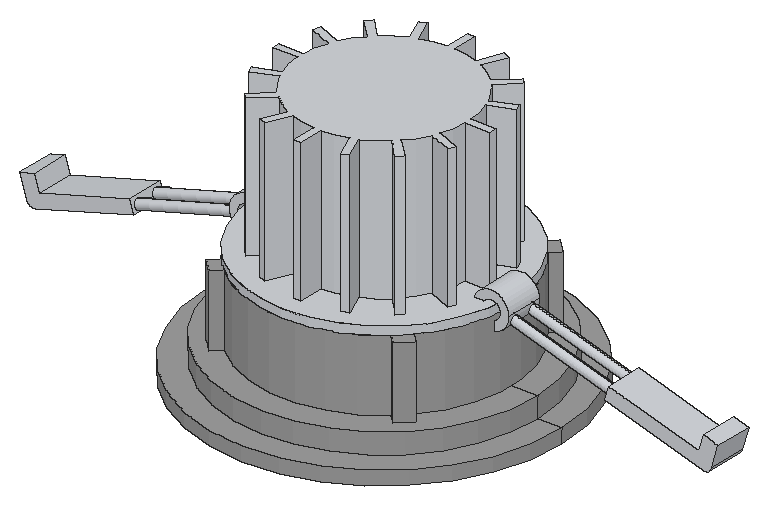
Revit family "Alcon-14144-R-DIR-Revit-Family", category Lighting Fixtures, host Ceiling, Revit 2021
Family settings
  Host = Ceiling
  Round Connector Dimension = Use Diameter
  Part Type = Normal
  Always vertical = Yes
  Cut with Voids When Loaded = No
  Light Source = Yes
  Shared = No
  Room Calculation Point = No
Parameters
  Wattage = 9.2903 W
  built-in parameter 1150110 = 1 (stored number, unit not read)
  built-in parameter 1114217 = 1 (stored number, unit not read)
  Tilt Angle = 60.00°
  built-in parameter 1150109 = 1 (stored number, unit not read)
  built-in parameter 1150134 = 3
  built-in parameter 1150113 = 1 (stored number, unit not read)
  built-in parameter 1010507 = 1.5708 (stored number, unit not read)
  built-in parameter 1010506 = 0.5236 (stored number, unit not read)
  Product Identity = "Alcon Light 14144-R-DIR"
  Metal = none
  Manufacturer = "Alcon Light"
  built-in parameter 1150105 = 4614.1 (stored number, unit not read)
  Lumens = 1380 lm
  built-in parameter 1150115 = 1 (stored number, unit not read)
  Link To Product Page = "https://www.alconlighting.com/14144-r-dir.html"
  Light Source Symbol Length = 10' - 0"
  Light Source = Light Source
  built-in parameter 1150137 = (empty or 0)
  built-in parameter 1150139 = (empty or 0)
  Lens = Glass
  built-in parameter 1150112 = 1 (stored number, unit not read)
  built-in parameter 1150114 = 1 (stored number, unit not read)
  built-in parameter 1150132 = (empty or 0)
  built-in parameter 1150102 = (empty or 0)
  built-in parameter 1150107 = 3200 (stored number, unit not read)
  built-in parameter 1150138 = (empty or 0)
  built-in parameter 1150106 = 46.141 (stored number, unit not read)
  Housing = Default
  Engine = none
  built-in parameter 1150104 = 13.8 (stored number, unit not read)
  Dimming Lamp Color Temperature Shift = (empty or 0)
  Default Elevation = 0' - 0"
  Color Filter = 16777215
  built-in parameter 1114218 = 1 (stored number, unit not read)
  built-in parameter 1150133 = 10 (stored number, unit not read)
Reference planes (in)
  plane 1 "Center (Front/Back)": y = 0
  plane 2 "Ceiling": z = 96
  plane 3 "Center (Left/Right)": x = 0
Forms (in)
  Extrusion 1, void
    sketch origin (0, 0, 96) x (1, 0, 0) y (0, 1, 0)
      loop
        circle (0, 0) r 1.59375
    from -0.2445 to 0.67578
  Revolve 2, solid, material "Default" <- "Housing"
    sketch origin (0, 0, -0.12653) x (1, 0, 0) y (0, 0, 1)
      loop
        line (1, 96) -> (1.59375, 96) -> (1.59375, 96.12653) -> (1.37608, 96.12653) -> (1.37608, 96.31053) -> (1, 96.31053) -> (1, 96)
      axis (0, 96) -> (0, 96.31053)
    angle from 0 to 360
  Extrusion 3, solid, material <- "Metal"
    sketch origin (-0.00836, 0, -62.41422) x (-1, 0, 0) y (0, 0, -1)
      loop
        circle (-1.10049, -159.26129) r 0.16048
      loop
        circle (-1.10049, -159.26129) r 0.08524
    from -0.16797 to 0.16797
  Extrusion 4, solid, material <- "Metal"
    sketch origin (133.79334, 0, 8.72401) x (-0.54711, 0, -0.837061) y (0.837061, 0, -0.54711)
      loop
        line (-1.52969, -158.27878) -> (-1.41427, -158.24349) -> (-1.68172, -157.36866)
        arc (-1.68172, -157.36866) -> (-1.71422, -157.32923) -> (-1.76507, -157.32433) r 0.06675
        line (-1.76507, -157.32433) -> (-1.95893, -157.3836) -> (-1.91808, -157.51723) -> (-1.77581, -157.47373) -> (-1.52969, -158.27878)
    from -0.16797 to 0.16797
  Extrusion 5, solid, material <- "Metal"
    sketch origin (2.0737, 0, 96.49605) x (0.278479, 0, 0.960442) y (0, 1, 0)
      loop
        circle (0.05869, 0.09783) r 0.04098
      loop
        circle (0.05869, -0.10564) r 0.04098
    from -0.03586 to 0.91861
  Extrusion 6, void
    sketch origin (0, 0, -0.28465) x (0, 1, 0) y (0, 0, 1)
      loop
        line (0.18604, 96.97362) -> (0.18604, 97.06477) -> (-0.18604, 97.06477) -> (-0.18604, 96.97362) -> (0.18604, 96.97362)
    from -1.34358 to 1.40984
  Revolve 7, solid, material "Glass" <- "Lens"
    sketch origin (0, 0, 0) x (1, 0, 0) y (0, 0, 1)
      loop
        line (1, 95.90213) -> (1, 95.96347) -> (0, 95.96347) -> (0, 95.90213) -> (1, 95.90213)
      axis (0, 95.90213) -> (0, 95.96347)
    angle from 0 to 360
  Revolve 8, solid, material "Light Source" <- "Light Source"
    sketch origin (0, 0, 0) x (1, 0, 0) y (0, 0, 1)
      loop
        line (0, 96.07747) -> (1, 96.07747) -> (1, 96.184) -> (0, 96.184) -> (0, 96.07747)
      axis (0, 96.07747) -> (0, 96.184)
    angle from 0 to 360
  Extrusion 9, solid, material <- "Engine"
    sketch origin (0, 0, 36.23322) x (1, 0, 0) y (0, 1, 0)
      loop
        arc (-0.34282, 0.91409) -> (-0.3736, 0.90195) -> (-0.40395, 0.88877) r 0.97626
        line (-0.40395, 0.88877) -> (-0.3173, 0.67958)
        arc (-0.3173, 0.67958) -> (-0.41668, 0.6236) -> (-0.50642, 0.55321) r 0.75
        line (-0.50642, 0.55321) -> (-0.66653, 0.71332)
        arc (-0.66653, 0.71332) -> (-0.69032, 0.69032) -> (-0.71332, 0.66653) r 0.97626
        line (-0.71332, 0.66653) -> (-0.55321, 0.50642)
        arc (-0.55321, 0.50642) -> (-0.6236, 0.41668) -> (-0.67958, 0.3173) r 0.75
        line (-0.67958, 0.3173) -> (-0.88877, 0.40395)
        arc (-0.88877, 0.40395) -> (-0.90195, 0.3736) -> (-0.91409, 0.34282) r 0.97626
        line (-0.91409, 0.34282) -> (-0.70489, 0.25617)
        arc (-0.70489, 0.25617) -> (-0.73559, 0.14632) -> (-0.74927, 0.03308) r 0.75
        line (-0.74927, 0.03308) -> (-0.9757, 0.03308)
        arc (-0.9757, 0.03308) -> (-0.97626, 0) -> (-0.9757, -0.03308) r 0.97626
        line (-0.9757, -0.03308) -> (-0.74927, -0.03308)
        arc (-0.74927, -0.03308) -> (-0.73559, -0.14632) -> (-0.70489, -0.25617) r 0.75
        line (-0.70489, -0.25617) -> (-0.91409, -0.34282)
        arc (-0.91409, -0.34282) -> (-0.90195, -0.3736) -> (-0.88877, -0.40395) r 0.97626
        line (-0.88877, -0.40395) -> (-0.67958, -0.3173)
        arc (-0.67958, -0.3173) -> (-0.6236, -0.41668) -> (-0.55321, -0.50642) r 0.75
        line (-0.55321, -0.50642) -> (-0.71332, -0.66653)
        arc (-0.71332, -0.66653) -> (-0.69032, -0.69032) -> (-0.66653, -0.71332) r 0.97626
        line (-0.66653, -0.71332) -> (-0.50642, -0.55321)
        arc (-0.50642, -0.55321) -> (-0.41668, -0.6236) -> (-0.3173, -0.67958) r 0.75
        line (-0.3173, -0.67958) -> (-0.40395, -0.88877)
        arc (-0.40395, -0.88877) -> (-0.3736, -0.90195) -> (-0.34282, -0.91409) r 0.97626
        line (-0.34282, -0.91409) -> (-0.25617, -0.70489)
        arc (-0.25617, -0.70489) -> (-0.14632, -0.73559) -> (-0.03308, -0.74927) r 0.75
        line (-0.03308, -0.74927) -> (-0.03308, -0.9757)
        arc (-0.03308, -0.9757) -> (0, -0.97626) -> (0.03308, -0.9757) r 0.97626
        line (0.03308, -0.9757) -> (0.03308, -0.74927)
        arc (0.03308, -0.74927) -> (0.14632, -0.73559) -> (0.25617, -0.70489) r 0.75
        line (0.25617, -0.70489) -> (0.34282, -0.91409)
        arc (0.34282, -0.91409) -> (0.3736, -0.90195) -> (0.40395, -0.88877) r 0.97626
        line (0.40395, -0.88877) -> (0.3173, -0.67958)
        arc (0.3173, -0.67958) -> (0.41668, -0.6236) -> (0.50642, -0.55321) r 0.75
        line (0.50642, -0.55321) -> (0.66653, -0.71332)
        arc (0.66653, -0.71332) -> (0.69032, -0.69032) -> (0.71332, -0.66653) r 0.97626
        line (0.71332, -0.66653) -> (0.55321, -0.50642)
        arc (0.55321, -0.50642) -> (0.6236, -0.41668) -> (0.67958, -0.3173) r 0.75
        line (0.67958, -0.3173) -> (0.88877, -0.40395)
        arc (0.88877, -0.40395) -> (0.90195, -0.3736) -> (0.91409, -0.34282) r 0.97626
        line (0.91409, -0.34282) -> (0.70489, -0.25617)
        arc (0.70489, -0.25617) -> (0.73559, -0.14632) -> (0.74927, -0.03308) r 0.75
        line (0.74927, -0.03308) -> (0.9757, -0.03308)
        arc (0.9757, -0.03308) -> (0.97626, 0) -> (0.9757, 0.03308) r 0.97626
        line (0.9757, 0.03308) -> (0.74927, 0.03308)
        arc (0.74927, 0.03308) -> (0.73559, 0.14632) -> (0.70489, 0.25617) r 0.75
        line (0.70489, 0.25617) -> (0.91409, 0.34282)
        arc (0.91409, 0.34282) -> (0.90195, 0.3736) -> (0.88877, 0.40395) r 0.97626
        line (0.88877, 0.40395) -> (0.67958, 0.3173)
        arc (0.67958, 0.3173) -> (0.6236, 0.41668) -> (0.55321, 0.50642) r 0.75
        line (0.55321, 0.50642) -> (0.71332, 0.66653)
        arc (0.71332, 0.66653) -> (0.69032, 0.69032) -> (0.66653, 0.71332) r 0.97626
        line (0.66653, 0.71332) -> (0.50642, 0.55321)
        arc (0.50642, 0.55321) -> (0.41668, 0.6236) -> (0.3173, 0.67958) r 0.75
        line (0.3173, 0.67958) -> (0.40395, 0.88877)
        arc (0.40395, 0.88877) -> (0.3736, 0.90195) -> (0.34282, 0.91409) r 0.97626
        line (0.34282, 0.91409) -> (0.25617, 0.70489)
        arc (0.25617, 0.70489) -> (0.14632, 0.73559) -> (0.03308, 0.74927) r 0.75
        line (0.03308, 0.74927) -> (0.03308, 0.9757)
        arc (0.03308, 0.9757) -> (0, 0.97626) -> (-0.03308, 0.9757) r 0.97626
        line (-0.03308, 0.9757) -> (-0.03308, 0.74927)
        arc (-0.03308, 0.74927) -> (-0.14632, 0.73559) -> (-0.25617, 0.70489) r 0.75
        line (-0.25617, 0.70489) -> (-0.34282, 0.91409)
    from 60.66791 to 61.93461
  Extrusion 10, solid, material "Default" <- "Housing"
    sketch origin (0, 0, 96) x (1, 0, 0) y (0, 1, 0)
      loop
        arc (-0.74733, -0.86334) -> (0, -1.14186) -> (0.74733, -0.86334) r 1.14186
        line (0.74733, -0.86334) -> (0.82397, -0.93998)
        arc (0.82397, -0.93998) -> (0.88388, -0.88388) -> (0.93998, -0.82397) r 1.25
        line (0.93998, -0.82397) -> (0.86334, -0.74733)
        arc (0.86334, -0.74733) -> (1.14186, 0) -> (0.86334, 0.74733) r 1.14186
        line (0.86334, 0.74733) -> (0.93998, 0.82397)
        arc (0.93998, 0.82397) -> (0.88388, 0.88388) -> (0.82397, 0.93998) r 1.25
        line (0.82397, 0.93998) -> (0.74733, 0.86334)
        arc (0.74733, 0.86334) -> (0, 1.14186) -> (-0.74733, 0.86334) r 1.14186
        line (-0.74733, 0.86334) -> (-0.82397, 0.93998)
        arc (-0.82397, 0.93998) -> (-0.88388, 0.88388) -> (-0.93998, 0.82397) r 1.25
        line (-0.93998, 0.82397) -> (-0.86334, 0.74733)
        arc (-0.86334, 0.74733) -> (-1.14186, 0) -> (-0.86334, -0.74733) r 1.14186
        line (-0.86334, -0.74733) -> (-0.93998, -0.82397)
        arc (-0.93998, -0.82397) -> (-0.88388, -0.88388) -> (-0.82397, -0.93998) r 1.25
        line (-0.82397, -0.93998) -> (-0.74733, -0.86334)
      loop
        circle (0, 0) r 1.04165
    from 0.184 to 0.82596
  Extrusion 11, solid, material <- "Metal"
    sketch origin (0.00836, 0, -62.41422) x (1, 0, 0) y (0, 0, 1)
      loop
        circle (-1.10049, 159.26129) r 0.16048
      loop
        circle (-1.10049, 159.26129) r 0.08524
    from -0.16797 to 0.16797
  Extrusion 12, solid, material <- "Metal"
    sketch origin (-133.79334, 0, 8.72401) x (0.54711, 0, -0.837061) y (0.837061, 0, 0.54711)
      loop
        line (-1.52969, 158.27878) -> (-1.77581, 157.47373) -> (-1.91808, 157.51723) -> (-1.95893, 157.3836) -> (-1.76507, 157.32433)
        arc (-1.76507, 157.32433) -> (-1.71422, 157.32923) -> (-1.68172, 157.36866) r 0.06675
        line (-1.68172, 157.36866) -> (-1.41427, 158.24349) -> (-1.52969, 158.27878)
    from -0.16797 to 0.16797
  Extrusion 13, solid, material <- "Metal"
    sketch origin (-2.0737, 0, 96.49605) x (-0.278479, 0, 0.960442) y (0, -1, 0)
      loop
        circle (0.05869, -0.09783) r 0.04098
      loop
        circle (0.05869, 0.10564) r 0.04098
    from -0.03586 to 0.91861
  Extrusion 14, solid, material <- "Engine"
    sketch origin (0, 0, 96) x (1, 0, 0) y (0, 1, 0)
      loop
        circle (0, 0) r 1.14186
    from 0.82596 to 0.90114
Cuts and joins
  Extrusion 6 cuts Revolve 2
  Extrusion 6 cuts Extrusion 10
Dimensions and locks (in)
  equal spacing: host sketch curve, plane 3 "Center (Left/Right)", host sketch curve
  equal spacing: host sketch curve, plane 1 "Center (Front/Back)", host sketch curve
  host sketch curve to host sketch curve = 10' - 0"  (x2)
